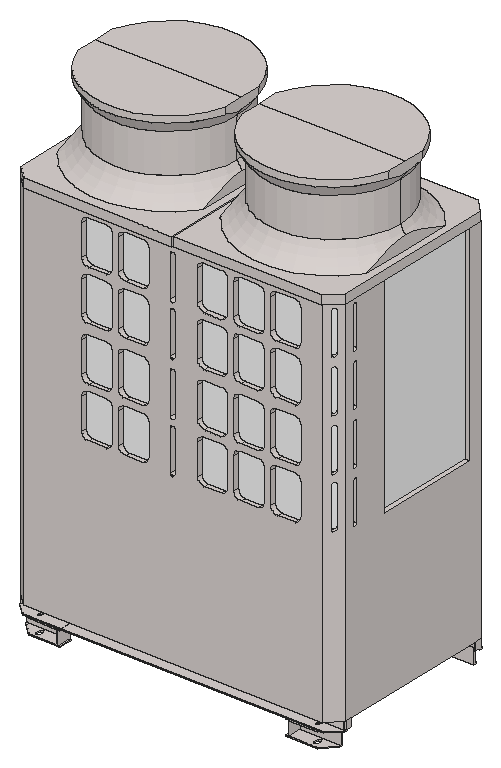
Revit family "PUHY-EM400YNW-A1", category 機械設備, Revit 2016
Family settings
  パーツ タイプ = 標準
  丸型コネクタ寸法 = 半径を使用
  OmniClass 番号 = 23.75.00.00
  OmniClass タイトル = Climate Control (HVAC)
  作業面に基づく = いいえ
  常に垂直 = はい
  ロード時にボイドで切り取り = いいえ
  共有 = いいえ
  部屋の計算ポイント = いいえ
Parameters (values of type "PUHY-EM400YNW-A1_380V_50Hz")
  Temp. range of cooling (Outdoor temp.) (D.B.) = "-5.0 to 52.0"
  Temp. range of cooling (Indoor temp.) (W.B.) = "15.0 to 24.0"
  Sound Pressure Level (dB(A)) Heating mode = 65.5
  Sound Pressure Level (dB(A)) Cooling mode = 65
  モデル = "PUHY-EM400YNW-A1"
  Width = 1240.000 mm
  WarrantyStart = ""
  Voltage = 380 V
  Unit Weight (kg) = 299
  URL = "http://www.mitsubishielectric.com/"
  製造元 = "Mitsubishi Electric Corporation"
  Temp. range of heating (Outdoor temp.) (W.B.) = "-20.0 to 15.5"
  Temp. range of heating (Indoor temp.) (D.B.) = "15.0 to 27.0"
  TagNumber = 0
  Subcategory = "HVAC"
  Space View = yes
  SerialNumber = 0
  ReplacementYear = ""
  Refrigerant type = "R32"
  Refrigerant Charge (kg) = 10.8
  Rated Load Ampacity (A) Heating mode = 22.6
  Rated Load Ampacity (A) Cooling mode = 21.6
  Protection Devices_Inverter circuit (COMP./FAN) = "Over-heat protection, Over-current protection"
  Protection Devices_High pressure (MPa) = "High pressure sensor, High pressure switch at 4.15"
  Phase = 3
  Outdoor unit Breaker size (A) = 60
  Note_1 = "Refrigerant pipe diameters may change depending on the installation condition. Please refer to the installation manual."
  Maximum Circuit Ampacity (A) = 33.3
  Liquid pipe_radius = 6.350 mm
  InstallationDate = ""
  Indoor Unit Total Capacity = "50 to 130% of outdoor unit capacity"
  Indoor Unit Model/Quantity = "W10 to W125/1 to 34"
  Hertz = 50 Hz
  Height = 1858.000 mm
  Heating Power Input (kW) = 13.4
  Heating Current (A) = 22.6
  Heating Capacity (kW) = 50
  Heating COP (kW/kW) = 3.73
  Gas pipe_radius = 14.290 mm
  Fan_Type = "Propeller Fan"
  Fan_Quantity = 2
  Fan Motor Output (kW) = 0.92
  External static pressure (Pa) = 0
  External Finish = "Pre-coated galvanized steel sheets (+powder coating for -BS type) <MUNSELL 5Y 8/1 or similar>"
  Equip_description = ""
  Equip_No. = 0
  Equip_ID = ""
  Description = ""
  Depth = 740.000 mm
  CreatedOn = ""
  CreatedBy = ""
  Cooling Power Input (kW) = 12.82
  Cooling EER (kW/kW) = 3.51
  Cooling Current (A) = 21.6
  Cooling Capacity (kW) = 45
  Compressor_Type = "Inverter scroll hermetic compressor"
  Compressor_Quantity = 1
  Compressor_Lubricant = "MEL46EH"
  Compressor Motor Output (kW) = "10.7"
  Category = ""
  Barcode = ""
  AssetIdentifier = ""
  Airflow Rate (m3/min) = 270
  Airflow Rate (m3/h) = 16200
Reference planes
  plane 1 "Center (Front/Back)": y = 0
  plane 2: z = 0
  plane 3 "Center (Left/Right)": x = 0
  plane 4: y = 370
  plane 5: z = 1858
  plane 6: y = -260
  plane 7: y = -204
  plane 8: y = -185
  plane 9: x = -620
  plane 10: x = 620
  plane 11: x = -620
  plane 12: z = 716
  plane 13: x = -524
  plane 14: z = 669
  plane 15: x = -50.5
  plane 16: x = 51
  plane 17: x = 489
  plane 18: x = 467
  plane 19 "132": x = 488
  plane 20 "100": z = 160
  plane 21: z = 185
  plane 22: x = 413
  plane 23: x = 364
  plane 24: z = 150
  plane 25: x = -287.25
  plane 26: x = -137.25
  plane 27: x = -272.25
  plane 28: y = -278
  plane 29: z = 1509
  plane 30: y = -370
  plane 31: x = -530
  plane 32: x = 530
  plane 33 "179": y = -191
Forms (mm)
  Extrusion 1, solid, material "Paint_5Y 8/1"
    sketch origin (-1, 0, 113) x (-1, 0, 0) y (0, -1, 0)
      loop
        line (569, -370) -> (619, -320) -> (619, 320) -> (569, 370) -> (-571, 370) -> (-621, 320) -> (-621, -320) -> (-571, -370) -> (569, -370)
    from -18 to 1408
  Extrusion 2, void
    sketch origin (524, -370, 113) x (1, 0, 0) y (0, 0, -1)
      loop
        arc (-60.8, -1393.5) -> (-42.557, -1385.943) -> (-35, -1367.7) r 25.8
        line (-35, -1367.7) -> (-35, -1248.5)
        arc (-35, -1248.5) -> (-42.557, -1230.257) -> (-60.8, -1222.7) r 25.8
        line (-60.8, -1222.7) -> (-126, -1222.7)
        arc (-126, -1222.7) -> (-144.243, -1230.257) -> (-151.8, -1248.5) r 25.8
        line (-151.8, -1248.5) -> (-151.8, -1367.7)
        arc (-151.8, -1367.7) -> (-144.243, -1385.943) -> (-126, -1393.5) r 25.8
        line (-126, -1393.5) -> (-60.8, -1393.5)
    from 0 to 20
  Extrusion 3, void
    sketch origin (524, -370, -81) x (1, 0, 0) y (0, 0, -1)
      loop
        arc (-60.8, -1393.5) -> (-42.557, -1385.943) -> (-35, -1367.7) r 25.8
        line (-35, -1367.7) -> (-35, -1248.5)
        arc (-35, -1248.5) -> (-42.557, -1230.257) -> (-60.8, -1222.7) r 25.8
        line (-60.8, -1222.7) -> (-126, -1222.7)
        arc (-126, -1222.7) -> (-144.243, -1230.257) -> (-151.8, -1248.5) r 25.8
        line (-151.8, -1248.5) -> (-151.8, -1367.7)
        arc (-151.8, -1367.7) -> (-144.243, -1385.943) -> (-126, -1393.5) r 25.8
        line (-126, -1393.5) -> (-60.8, -1393.5)
    from 0 to 20
  Extrusion 4, void
    sketch origin (524, -370, -287) x (1, 0, 0) y (0, 0, -1)
      loop
        arc (-60.8, -1393.5) -> (-42.557, -1385.943) -> (-35, -1367.7) r 25.8
        line (-35, -1367.7) -> (-35, -1248.5)
        arc (-35, -1248.5) -> (-42.557, -1230.257) -> (-60.8, -1222.7) r 25.8
        line (-60.8, -1222.7) -> (-126, -1222.7)
        arc (-126, -1222.7) -> (-144.243, -1230.257) -> (-151.8, -1248.5) r 25.8
        line (-151.8, -1248.5) -> (-151.8, -1367.7)
        arc (-151.8, -1367.7) -> (-144.243, -1385.943) -> (-126, -1393.5) r 25.8
        line (-126, -1393.5) -> (-60.8, -1393.5)
    from 0 to 20
  Extrusion 5, void
    sketch origin (524, -370, -481) x (1, 0, 0) y (0, 0, -1)
      loop
        arc (-60.8, -1393.5) -> (-42.557, -1385.943) -> (-35, -1367.7) r 25.8
        line (-35, -1367.7) -> (-35, -1248.5)
        arc (-35, -1248.5) -> (-42.557, -1230.257) -> (-60.8, -1222.7) r 25.8
        line (-60.8, -1222.7) -> (-126, -1222.7)
        arc (-126, -1222.7) -> (-144.243, -1230.257) -> (-151.8, -1248.5) r 25.8
        line (-151.8, -1248.5) -> (-151.8, -1367.7)
        arc (-151.8, -1367.7) -> (-144.243, -1385.943) -> (-126, -1393.5) r 25.8
        line (-126, -1393.5) -> (-60.8, -1393.5)
    from 0 to 20
  Extrusion 6, void
    sketch origin (384, -370, 113) x (1, 0, 0) y (0, 0, -1)
      loop
        arc (-60.8, -1393.5) -> (-42.557, -1385.943) -> (-35, -1367.7) r 25.8
        line (-35, -1367.7) -> (-35, -1248.5)
        arc (-35, -1248.5) -> (-42.557, -1230.257) -> (-60.8, -1222.7) r 25.8
        line (-60.8, -1222.7) -> (-126, -1222.7)
        arc (-126, -1222.7) -> (-144.243, -1230.257) -> (-151.8, -1248.5) r 25.8
        line (-151.8, -1248.5) -> (-151.8, -1367.7)
        arc (-151.8, -1367.7) -> (-144.243, -1385.943) -> (-126, -1393.5) r 25.8
        line (-126, -1393.5) -> (-60.8, -1393.5)
    from 0 to 20
  Extrusion 7, void
    sketch origin (384, -370, -81) x (1, 0, 0) y (0, 0, -1)
      loop
        arc (-60.8, -1393.5) -> (-42.557, -1385.943) -> (-35, -1367.7) r 25.8
        line (-35, -1367.7) -> (-35, -1248.5)
        arc (-35, -1248.5) -> (-42.557, -1230.257) -> (-60.8, -1222.7) r 25.8
        line (-60.8, -1222.7) -> (-126, -1222.7)
        arc (-126, -1222.7) -> (-144.243, -1230.257) -> (-151.8, -1248.5) r 25.8
        line (-151.8, -1248.5) -> (-151.8, -1367.7)
        arc (-151.8, -1367.7) -> (-144.243, -1385.943) -> (-126, -1393.5) r 25.8
        line (-126, -1393.5) -> (-60.8, -1393.5)
    from 0 to 20
  Extrusion 8, void
    sketch origin (384, -370, -287) x (1, 0, 0) y (0, 0, -1)
      loop
        arc (-60.8, -1393.5) -> (-42.557, -1385.943) -> (-35, -1367.7) r 25.8
        line (-35, -1367.7) -> (-35, -1248.5)
        arc (-35, -1248.5) -> (-42.557, -1230.257) -> (-60.8, -1222.7) r 25.8
        line (-60.8, -1222.7) -> (-126, -1222.7)
        arc (-126, -1222.7) -> (-144.243, -1230.257) -> (-151.8, -1248.5) r 25.8
        line (-151.8, -1248.5) -> (-151.8, -1367.7)
        arc (-151.8, -1367.7) -> (-144.243, -1385.943) -> (-126, -1393.5) r 25.8
        line (-126, -1393.5) -> (-60.8, -1393.5)
    from 0 to 20
  Extrusion 9, void
    sketch origin (384, -370, -481) x (1, 0, 0) y (0, 0, -1)
      loop
        arc (-60.8, -1393.5) -> (-42.557, -1385.943) -> (-35, -1367.7) r 25.8
        line (-35, -1367.7) -> (-35, -1248.5)
        arc (-35, -1248.5) -> (-42.557, -1230.257) -> (-60.8, -1222.7) r 25.8
        line (-60.8, -1222.7) -> (-126, -1222.7)
        arc (-126, -1222.7) -> (-144.243, -1230.257) -> (-151.8, -1248.5) r 25.8
        line (-151.8, -1248.5) -> (-151.8, -1367.7)
        arc (-151.8, -1367.7) -> (-144.243, -1385.943) -> (-126, -1393.5) r 25.8
        line (-126, -1393.5) -> (-60.8, -1393.5)
    from 0 to 20
  Extrusion 10, void
    sketch origin (244, -370, 113) x (1, 0, 0) y (0, 0, -1)
      loop
        arc (-60.8, -1393.5) -> (-42.557, -1385.943) -> (-35, -1367.7) r 25.8
        line (-35, -1367.7) -> (-35, -1248.5)
        arc (-35, -1248.5) -> (-42.557, -1230.257) -> (-60.8, -1222.7) r 25.8
        line (-60.8, -1222.7) -> (-126, -1222.7)
        arc (-126, -1222.7) -> (-144.243, -1230.257) -> (-151.8, -1248.5) r 25.8
        line (-151.8, -1248.5) -> (-151.8, -1367.7)
        arc (-151.8, -1367.7) -> (-144.243, -1385.943) -> (-126, -1393.5) r 25.8
        line (-126, -1393.5) -> (-60.8, -1393.5)
    from 0 to 20
  Extrusion 11, void
    sketch origin (244, -370, -81) x (1, 0, 0) y (0, 0, -1)
      loop
        arc (-60.8, -1393.5) -> (-42.557, -1385.943) -> (-35, -1367.7) r 25.8
        line (-35, -1367.7) -> (-35, -1248.5)
        arc (-35, -1248.5) -> (-42.557, -1230.257) -> (-60.8, -1222.7) r 25.8
        line (-60.8, -1222.7) -> (-126, -1222.7)
        arc (-126, -1222.7) -> (-144.243, -1230.257) -> (-151.8, -1248.5) r 25.8
        line (-151.8, -1248.5) -> (-151.8, -1367.7)
        arc (-151.8, -1367.7) -> (-144.243, -1385.943) -> (-126, -1393.5) r 25.8
        line (-126, -1393.5) -> (-60.8, -1393.5)
    from 0 to 20
  Extrusion 12, void
    sketch origin (244, -370, -287) x (1, 0, 0) y (0, 0, -1)
      loop
        arc (-60.8, -1393.5) -> (-42.557, -1385.943) -> (-35, -1367.7) r 25.8
        line (-35, -1367.7) -> (-35, -1248.5)
        arc (-35, -1248.5) -> (-42.557, -1230.257) -> (-60.8, -1222.7) r 25.8
        line (-60.8, -1222.7) -> (-126, -1222.7)
        arc (-126, -1222.7) -> (-144.243, -1230.257) -> (-151.8, -1248.5) r 25.8
        line (-151.8, -1248.5) -> (-151.8, -1367.7)
        arc (-151.8, -1367.7) -> (-144.243, -1385.943) -> (-126, -1393.5) r 25.8
        line (-126, -1393.5) -> (-60.8, -1393.5)
    from 0 to 20
  Extrusion 13, void
    sketch origin (244, -370, -481) x (1, 0, 0) y (0, 0, -1)
      loop
        arc (-60.8, -1393.5) -> (-42.557, -1385.943) -> (-35, -1367.7) r 25.8
        line (-35, -1367.7) -> (-35, -1248.5)
        arc (-35, -1248.5) -> (-42.557, -1230.257) -> (-60.8, -1222.7) r 25.8
        line (-60.8, -1222.7) -> (-126, -1222.7)
        arc (-126, -1222.7) -> (-144.243, -1230.257) -> (-151.8, -1248.5) r 25.8
        line (-151.8, -1248.5) -> (-151.8, -1367.7)
        arc (-151.8, -1367.7) -> (-144.243, -1385.943) -> (-126, -1393.5) r 25.8
        line (-126, -1393.5) -> (-60.8, -1393.5)
    from 0 to 20
  Extrusion 14, void
    sketch origin (-56, -370, 113) x (1, 0, 0) y (0, 0, -1)
      loop
        arc (-60.8, -1393.5) -> (-42.557, -1385.943) -> (-35, -1367.7) r 25.8
        line (-35, -1367.7) -> (-35, -1248.5)
        arc (-35, -1248.5) -> (-42.557, -1230.257) -> (-60.8, -1222.7) r 25.8
        line (-60.8, -1222.7) -> (-126, -1222.7)
        arc (-126, -1222.7) -> (-144.243, -1230.257) -> (-151.8, -1248.5) r 25.8
        line (-151.8, -1248.5) -> (-151.8, -1367.7)
        arc (-151.8, -1367.7) -> (-144.243, -1385.943) -> (-126, -1393.5) r 25.8
        line (-126, -1393.5) -> (-60.8, -1393.5)
    from 0 to 20
  Extrusion 15, void
    sketch origin (-56, -370, -81) x (1, 0, 0) y (0, 0, -1)
      loop
        arc (-60.8, -1393.5) -> (-42.557, -1385.943) -> (-35, -1367.7) r 25.8
        line (-35, -1367.7) -> (-35, -1248.5)
        arc (-35, -1248.5) -> (-42.557, -1230.257) -> (-60.8, -1222.7) r 25.8
        line (-60.8, -1222.7) -> (-126, -1222.7)
        arc (-126, -1222.7) -> (-144.243, -1230.257) -> (-151.8, -1248.5) r 25.8
        line (-151.8, -1248.5) -> (-151.8, -1367.7)
        arc (-151.8, -1367.7) -> (-144.243, -1385.943) -> (-126, -1393.5) r 25.8
        line (-126, -1393.5) -> (-60.8, -1393.5)
    from 0 to 20
  Extrusion 16, void
    sketch origin (-56, -370, -287) x (1, 0, 0) y (0, 0, -1)
      loop
        arc (-60.8, -1393.5) -> (-42.557, -1385.943) -> (-35, -1367.7) r 25.8
        line (-35, -1367.7) -> (-35, -1248.5)
        arc (-35, -1248.5) -> (-42.557, -1230.257) -> (-60.8, -1222.7) r 25.8
        line (-60.8, -1222.7) -> (-126, -1222.7)
        arc (-126, -1222.7) -> (-144.243, -1230.257) -> (-151.8, -1248.5) r 25.8
        line (-151.8, -1248.5) -> (-151.8, -1367.7)
        arc (-151.8, -1367.7) -> (-144.243, -1385.943) -> (-126, -1393.5) r 25.8
        line (-126, -1393.5) -> (-60.8, -1393.5)
    from 0 to 20
  Extrusion 17, void
    sketch origin (-56, -370, -481) x (1, 0, 0) y (0, 0, -1)
      loop
        arc (-60.8, -1393.5) -> (-42.557, -1385.943) -> (-35, -1367.7) r 25.8
        line (-35, -1367.7) -> (-35, -1248.5)
        arc (-35, -1248.5) -> (-42.557, -1230.257) -> (-60.8, -1222.7) r 25.8
        line (-60.8, -1222.7) -> (-126, -1222.7)
        arc (-126, -1222.7) -> (-144.243, -1230.257) -> (-151.8, -1248.5) r 25.8
        line (-151.8, -1248.5) -> (-151.8, -1367.7)
        arc (-151.8, -1367.7) -> (-144.243, -1385.943) -> (-126, -1393.5) r 25.8
        line (-126, -1393.5) -> (-60.8, -1393.5)
    from 0 to 20
  Extrusion 18, void
    sketch origin (-196, -370, 113) x (1, 0, 0) y (0, 0, -1)
      loop
        arc (-60.8, -1393.5) -> (-42.557, -1385.943) -> (-35, -1367.7) r 25.8
        line (-35, -1367.7) -> (-35, -1248.5)
        arc (-35, -1248.5) -> (-42.557, -1230.257) -> (-60.8, -1222.7) r 25.8
        line (-60.8, -1222.7) -> (-126, -1222.7)
        arc (-126, -1222.7) -> (-144.243, -1230.257) -> (-151.8, -1248.5) r 25.8
        line (-151.8, -1248.5) -> (-151.8, -1367.7)
        arc (-151.8, -1367.7) -> (-144.243, -1385.943) -> (-126, -1393.5) r 25.8
        line (-126, -1393.5) -> (-60.8, -1393.5)
    from 0 to 20
  Extrusion 19, void
    sketch origin (-196, -370, -81) x (1, 0, 0) y (0, 0, -1)
      loop
        arc (-60.8, -1393.5) -> (-42.557, -1385.943) -> (-35, -1367.7) r 25.8
        line (-35, -1367.7) -> (-35, -1248.5)
        arc (-35, -1248.5) -> (-42.557, -1230.257) -> (-60.8, -1222.7) r 25.8
        line (-60.8, -1222.7) -> (-126, -1222.7)
        arc (-126, -1222.7) -> (-144.243, -1230.257) -> (-151.8, -1248.5) r 25.8
        line (-151.8, -1248.5) -> (-151.8, -1367.7)
        arc (-151.8, -1367.7) -> (-144.243, -1385.943) -> (-126, -1393.5) r 25.8
        line (-126, -1393.5) -> (-60.8, -1393.5)
    from 0 to 20
  Extrusion 20, void
    sketch origin (-196, -370, -287) x (1, 0, 0) y (0, 0, -1)
      loop
        arc (-60.8, -1393.5) -> (-42.557, -1385.943) -> (-35, -1367.7) r 25.8
        line (-35, -1367.7) -> (-35, -1248.5)
        arc (-35, -1248.5) -> (-42.557, -1230.257) -> (-60.8, -1222.7) r 25.8
        line (-60.8, -1222.7) -> (-126, -1222.7)
        arc (-126, -1222.7) -> (-144.243, -1230.257) -> (-151.8, -1248.5) r 25.8
        line (-151.8, -1248.5) -> (-151.8, -1367.7)
        arc (-151.8, -1367.7) -> (-144.243, -1385.943) -> (-126, -1393.5) r 25.8
        line (-126, -1393.5) -> (-60.8, -1393.5)
    from 0 to 20
  Extrusion 21, void
    sketch origin (-196, -370, -481) x (1, 0, 0) y (0, 0, -1)
      loop
        arc (-60.8, -1393.5) -> (-42.557, -1385.943) -> (-35, -1367.7) r 25.8
        line (-35, -1367.7) -> (-35, -1248.5)
        arc (-35, -1248.5) -> (-42.557, -1230.257) -> (-60.8, -1222.7) r 25.8
        line (-60.8, -1222.7) -> (-126, -1222.7)
        arc (-126, -1222.7) -> (-144.243, -1230.257) -> (-151.8, -1248.5) r 25.8
        line (-151.8, -1248.5) -> (-151.8, -1367.7)
        arc (-151.8, -1367.7) -> (-144.243, -1385.943) -> (-126, -1393.5) r 25.8
        line (-126, -1393.5) -> (-60.8, -1393.5)
    from 0 to 20
  Extrusion 22, void
    sketch origin (620, 320, 113) x (0, 1, 0) y (0, 0, -1)
      loop
        line (-462.3, -1408) -> (-50.8, -1408) -> (-50.8, -612) -> (-462.3, -612) -> (-462.3, -1408)
    from 0 to 20
  Extrusion 23, void
    sketch origin (-620, -320, 113) x (0, -1, 0) y (0, 0, -1)
      loop
        line (-535.7, -1408) -> (-207.7, -1408) -> (-207.7, -592) -> (-535.7, -592) -> (-535.7, -1408)
    from 0 to 20
  Extrusion 24, void
    sketch origin (194.892, 370, 113) x (-1, 0, 0) y (0, 0, -1)
      loop
        arc (204.892, -1225.013) -> (194.892, -1215.013) -> (184.892, -1225.013) r 10
        line (184.892, -1225.013) -> (184.892, -1379.987)
        arc (184.892, -1379.987) -> (194.892, -1389.987) -> (204.892, -1379.987) r 10
        line (204.892, -1379.987) -> (204.892, -1225.013)
      loop
        arc (204.892, -1031.013) -> (194.892, -1021.013) -> (184.892, -1031.013) r 10
        line (184.892, -1031.013) -> (184.892, -1185.987)
        arc (184.892, -1185.987) -> (194.892, -1195.987) -> (204.892, -1185.987) r 10
        line (204.892, -1185.987) -> (204.892, -1031.013)
      loop
        arc (204.892, -825.013) -> (194.892, -815.013) -> (184.892, -825.013) r 10
        line (184.892, -825.013) -> (184.892, -979.987)
        arc (184.892, -979.987) -> (194.892, -989.987) -> (204.892, -979.987) r 10
        line (204.892, -979.987) -> (204.892, -825.013)
      loop
        arc (204.892, -631.013) -> (194.892, -621.013) -> (184.892, -631.013) r 10
        line (184.892, -631.013) -> (184.892, -785.987)
        arc (184.892, -785.987) -> (194.892, -795.987) -> (204.892, -785.987) r 10
        line (204.892, -785.987) -> (204.892, -631.013)
    from 0 to 20
  Extrusion 25, void
    sketch origin (-570, 370, 113) x (0.707107, 0.707107, 0) y (0, 0, 1)
      loop
        arc (-45.355, 1236) -> (-35.355, 1226) -> (-25.355, 1236) r 10
        line (-25.355, 1236) -> (-25.355, 1386)
        arc (-25.355, 1386) -> (-35.355, 1396) -> (-45.355, 1386) r 10
        line (-45.355, 1386) -> (-45.355, 1236)
      loop
        arc (-45.355, 1036) -> (-35.355, 1026) -> (-25.355, 1036) r 10
        line (-25.355, 1036) -> (-25.355, 1186)
        arc (-25.355, 1186) -> (-35.355, 1196) -> (-45.355, 1186) r 10
        line (-45.355, 1186) -> (-45.355, 1036)
      loop
        arc (-45.355, 836) -> (-35.355, 826) -> (-25.355, 836) r 10
        line (-25.355, 836) -> (-25.355, 986)
        arc (-25.355, 986) -> (-35.355, 996) -> (-45.355, 986) r 10
        line (-45.355, 986) -> (-45.355, 836)
      loop
        arc (-45.355, 641) -> (-35.355, 631) -> (-25.355, 641) r 10
        line (-25.355, 641) -> (-25.355, 791)
        arc (-25.355, 791) -> (-35.355, 801) -> (-45.355, 791) r 10
        line (-45.355, 791) -> (-45.355, 641)
    from 0 to 20
  Extrusion 26, void
    sketch origin (-620, -320, 113) x (0, -1, 0) y (0, 0, -1)
      loop
        line (-607.846, -1035.895) -> (-607.846, -1186.105)
        arc (-607.846, -1186.105) -> (-597.846, -1196.105) -> (-587.846, -1186.105) r 10
        line (-587.846, -1186.105) -> (-587.846, -1035.895)
        arc (-587.846, -1035.895) -> (-597.846, -1025.895) -> (-607.846, -1035.895) r 10
      loop
        line (-607.846, -835.895) -> (-607.846, -986.105)
        arc (-607.846, -986.105) -> (-597.846, -996.105) -> (-587.846, -986.105) r 10
        line (-587.846, -986.105) -> (-587.846, -835.895)
        arc (-587.846, -835.895) -> (-597.846, -825.895) -> (-607.846, -835.895) r 10
      loop
        line (-607.846, -1235.895) -> (-607.846, -1386.105)
        arc (-607.846, -1386.105) -> (-597.846, -1396.105) -> (-587.846, -1386.105) r 10
        line (-587.846, -1386.105) -> (-587.846, -1235.895)
        arc (-587.846, -1235.895) -> (-597.846, -1225.895) -> (-607.846, -1235.895) r 10
      loop
        line (-607.846, -635.895) -> (-607.846, -786.105)
        arc (-607.846, -786.105) -> (-597.846, -796.105) -> (-587.846, -786.105) r 10
        line (-587.846, -786.105) -> (-587.846, -635.895)
        arc (-587.846, -635.895) -> (-597.846, -625.895) -> (-607.846, -635.895) r 10
    from 0 to 20
  Extrusion 27, void
    sketch origin (1079, -370, 113) x (1, 0, 0) y (0, 0, -1)
      loop
        arc (-1089, -1379.975) -> (-1079, -1389.975) -> (-1069, -1379.975) r 10
        line (-1069, -1379.975) -> (-1069, -1225)
        arc (-1069, -1225) -> (-1079, -1215) -> (-1089, -1225) r 10
        line (-1089, -1225) -> (-1089, -1379.975)
      loop
        arc (-1089, -1185.975) -> (-1079, -1195.975) -> (-1069, -1185.975) r 10
        line (-1069, -1185.975) -> (-1069, -1031)
        arc (-1069, -1031) -> (-1079, -1021) -> (-1089, -1031) r 10
        line (-1089, -1031) -> (-1089, -1185.975)
      loop
        arc (-1089, -979.975) -> (-1079, -989.975) -> (-1069, -979.975) r 10
        line (-1069, -979.975) -> (-1069, -825)
        arc (-1069, -825) -> (-1079, -815) -> (-1089, -825) r 10
        line (-1089, -825) -> (-1089, -979.975)
      loop
        arc (-1089, -785.975) -> (-1079, -795.975) -> (-1069, -785.975) r 10
        line (-1069, -785.975) -> (-1069, -631)
        arc (-1069, -631) -> (-1079, -621) -> (-1089, -631) r 10
        line (-1089, -631) -> (-1089, -785.975)
    from 0 to 20
  Extrusion 28, void
    sketch origin (-571, 370, 113) x (-1, 0, 0) y (0, 0, -1)
      loop
        line (-519.5, -1408) -> (-48, -1408) -> (-48, -556) -> (-519.5, -556) -> (-519.5, -1408)
    from 0 to 20
  Extrusion 29, void
    sketch origin (-571, 370, 113) x (-1, 0, 0) y (0, 0, -1)
      loop
        line (-1038, -1408) -> (-622, -1408) -> (-622, -556) -> (-1038, -556) -> (-1038, -1408)
    from 0 to 20
  Extrusion 30, void
    sketch origin (620, 320, 113) x (0, 1, 0) y (0, 0, -1)
      loop
        arc (-588, -1035.791) -> (-598, -1025.791) -> (-608, -1035.791) r 10
        line (-608, -1035.791) -> (-608, -1186)
        arc (-608, -1186) -> (-598, -1196) -> (-588, -1186) r 10
        line (-588, -1186) -> (-588, -1035.791)
      loop
        arc (-588, -835.791) -> (-598, -825.791) -> (-608, -835.791) r 10
        line (-608, -835.791) -> (-608, -986)
        arc (-608, -986) -> (-598, -996) -> (-588, -986) r 10
        line (-588, -986) -> (-588, -835.791)
      loop
        arc (-588, -1235.791) -> (-598, -1225.791) -> (-608, -1235.791) r 10
        line (-608, -1235.791) -> (-608, -1386)
        arc (-608, -1386) -> (-598, -1396) -> (-588, -1386) r 10
        line (-588, -1386) -> (-588, -1235.791)
      loop
        arc (-588, -635.791) -> (-598, -625.791) -> (-608, -635.791) r 10
        line (-608, -635.791) -> (-608, -786)
        arc (-608, -786) -> (-598, -796) -> (-588, -786) r 10
        line (-588, -786) -> (-588, -635.791)
    from 0 to 20
  Extrusion 31, void
    sketch origin (1291.751, 351.751, 113) x (0.707107, 0.707107, 0) y (0, 0, -1)
      loop
        line (-995.311, -1236) -> (-995.311, -1386)
        arc (-995.311, -1386) -> (-985.311, -1396) -> (-975.311, -1386) r 10
        line (-975.311, -1386) -> (-975.311, -1236)
        arc (-975.311, -1236) -> (-985.311, -1226) -> (-995.311, -1236) r 10
      loop
        line (-995.311, -1036) -> (-995.311, -1186)
        arc (-995.311, -1186) -> (-985.311, -1196) -> (-975.311, -1186) r 10
        line (-975.311, -1186) -> (-975.311, -1036)
        arc (-975.311, -1036) -> (-985.311, -1026) -> (-995.311, -1036) r 10
      loop
        line (-995.311, -836) -> (-995.311, -986)
        arc (-995.311, -986) -> (-985.311, -996) -> (-975.311, -986) r 10
        line (-975.311, -986) -> (-975.311, -836)
        arc (-975.311, -836) -> (-985.311, -826) -> (-995.311, -836) r 10
      loop
        line (-995.311, -641) -> (-995.311, -791)
        arc (-995.311, -791) -> (-985.311, -801) -> (-975.311, -791) r 10
        line (-975.311, -791) -> (-975.311, -641)
        arc (-975.311, -641) -> (-985.311, -631) -> (-995.311, -641) r 10
    from 0 to 20
  Extrusion 32, void
    sketch origin (0, -191, 0) x (-1, 0, 0) y (0, 0, 1)
      loop
        circle (460, 176) r 6.35
    from 0 to 78.7
  Extrusion 33, void
    sketch origin (0, -191, 0) x (-1, 0, 0) y (0, 0, 1)
      loop
        circle (377, 176) r 14.29
    from 0 to 78.7
Cuts and joins
  Extrusion 2, Extrusion 3, Extrusion 4, Extrusion 5, Extrusion 6, Extrusion 7, Extrusion 8, Extrusion 9, Extrusion 10, Extrusion 11, Extrusion 12, Extrusion 13, Extrusion 14, Extrusion 15, Extrusion 16, Extrusion 17, Extrusion 18, Extrusion 19, Extrusion 20, Extrusion 21, Extrusion 22, Extrusion 23, Extrusion 24, Extrusion 25, Extrusion 26, Extrusion 27, Extrusion 28, Extrusion 29, Extrusion 30, Extrusion 31, Extrusion 32, Extrusion 33 cuts Extrusion 1
Lines and regions (mm)
  model lines
    curve 1: line (-351, -291, 95) -> (-481, -291, 95)
    curve 2: line (-342, -206, 95) -> (-342, -282, 95)
    curve 3: line (-481, -197, 95) -> (-351, -197, 95)
    curve 4: line (-492, -280, 95) -> (-492, -208, 95)
    curve 5: arc (-492, -280, 95) -> (-488.778, -287.778, 95) -> (-481, -291, 95) r 11
    curve 6: arc (-351, -291, 95) -> (-344.636, -288.364, 95) -> (-342, -282, 95) r 9
    curve 7: arc (-342, -206, 95) -> (-344.636, -199.636, 95) -> (-351, -197, 95) r 9
    curve 8: arc (-481, -197, 95) -> (-488.778, -200.222, 95) -> (-492, -208, 95) r 11
    curve 9: line (-30, -370, 1521) -> (-30, -370, 95)
    curve 10: line (30, -370, 1521) -> (30, -370, 95)
    curve 11: line (-485, -370, 215) -> (-357, -370, 215)
    curve 12: line (-495, -370, 141) -> (-495, -370, 205)
    curve 13: line (-357, -370, 131) -> (-485, -370, 131)
    curve 14: line (-347, -370, 205) -> (-347, -370, 141)
    curve 15: arc (-485, -370, 215) -> (-492.071, -370, 212.071) -> (-495, -370, 205) r 10
    curve 16: arc (-495, -370, 141) -> (-492.071, -370, 133.929) -> (-485, -370, 131) r 10
    curve 17: arc (-357, -370, 131) -> (-349.929, -370, 133.929) -> (-347, -370, 141) r 10
    curve 18: arc (-347, -370, 205) -> (-349.929, -370, 212.071) -> (-357, -370, 215) r 10
    curve 19: line (-405, -370, 1521) -> (-405, -370, 716)
    curve 20: line (620, -162.3, 1521) -> (620, -162.3, 95)
    curve 21: line (620, 289.2, 1521) -> (620, 289.2, 95)
    curve 22: line (620, -162.3, 705) -> (620, 289.2, 705)
    curve 23: line (620, -162.3, 725) -> (620, 289.2, 725)
    curve 24: line (620, -76.8, 583) -> (620, 203.2, 583)
    curve 25: line (620, 203.2, 563) -> (620, -76.8, 563)
    curve 26: arc (620, -76.8, 583) -> (620, -83.871, 580.071) -> (620, -86.8, 573) r 10
    curve 27: arc (620, -76.8, 563) -> (620, -83.871, 565.929) -> (620, -86.8, 573) r 10
    curve 28: arc (620, 203.2, 583) -> (620, 210.271, 580.071) -> (620, 213.2, 573) r 10
    curve 29: arc (620, 203.2, 563) -> (620, 210.271, 565.929) -> (620, 213.2, 573) r 10
    curve 30: line (620, -76.8, 478) -> (620, 203.2, 478)
    curve 31: line (620, 203.2, 458) -> (620, -76.8, 458)
    curve 32: arc (620, -76.8, 478) -> (620, -83.871, 475.071) -> (620, -86.8, 468) r 10
    curve 33: arc (620, -76.8, 458) -> (620, -83.871, 460.929) -> (620, -86.8, 468) r 10
    curve 34: arc (620, 203.2, 478) -> (620, 210.271, 475.071) -> (620, 213.2, 468) r 10
    curve 35: arc (620, 203.2, 458) -> (620, 210.271, 460.929) -> (620, 213.2, 468) r 10
    curve 36: line (620, -76.8, 373) -> (620, 203.2, 373)
    curve 37: line (620, 203.2, 353) -> (620, -76.8, 353)
    curve 38: arc (620, -76.8, 373) -> (620, -83.871, 370.071) -> (620, -86.8, 363) r 10
    curve 39: arc (620, -76.8, 353) -> (620, -83.871, 355.929) -> (620, -86.8, 363) r 10
    curve 40: arc (620, 203.2, 373) -> (620, 210.271, 370.071) -> (620, 213.2, 363) r 10
    curve 41: arc (620, 203.2, 353) -> (620, 210.271, 355.929) -> (620, 213.2, 363) r 10
    curve 42: line (620, -76.8, 268) -> (620, 203.2, 268)
    curve 43: line (620, 203.2, 248) -> (620, -76.8, 248)
    curve 44: arc (620, -76.8, 268) -> (620, -83.871, 265.071) -> (620, -86.8, 258) r 10
    curve 45: arc (620, -76.8, 248) -> (620, -83.871, 250.929) -> (620, -86.8, 258) r 10
    curve 46: arc (620, 203.2, 268) -> (620, 210.271, 265.071) -> (620, 213.2, 258) r 10
    curve 47: arc (620, 203.2, 248) -> (620, 210.271, 250.929) -> (620, 213.2, 258) r 10
    curve 48: line (-620, -162.3, 1521) -> (-620, -162.3, 95)
    curve 49: line (-620, 235.7, 1521) -> (-620, 235.7, 95)
    curve 50: line (-620, -112.3, 1521) -> (-620, -112.3, 705)
    curve 51: line (-620, 215.7, 1521) -> (-620, 215.7, 705)
    curve 52: line (-620, 235.7, 705) -> (-620, -162.3, 705)
    curve 53: line (-620, 176.7, 268) -> (-620, -103.3, 268)
    curve 54: line (-620, -103.3, 248) -> (-620, 176.7, 248)
    curve 55: arc (-620, 186.7, 258) -> (-620, 183.771, 265.071) -> (-620, 176.7, 268) r 10
    curve 56: arc (-620, 176.7, 248) -> (-620, 183.771, 250.929) -> (-620, 186.7, 258) r 10
    curve 57: arc (-620, -103.3, 268) -> (-620, -110.371, 265.071) -> (-620, -113.3, 258) r 10
    curve 58: arc (-620, -113.3, 258) -> (-620, -110.371, 250.929) -> (-620, -103.3, 248) r 10
    curve 59: line (-620, 176.7, 373) -> (-620, -103.3, 373)
    curve 60: line (-620, -103.3, 353) -> (-620, 176.7, 353)
    curve 61: arc (-620, 186.7, 363) -> (-620, 183.771, 370.071) -> (-620, 176.7, 373) r 10
    curve 62: arc (-620, 176.7, 353) -> (-620, 183.771, 355.929) -> (-620, 186.7, 363) r 10
    curve 63: arc (-620, -103.3, 373) -> (-620, -110.371, 370.071) -> (-620, -113.3, 363) r 10
    curve 64: arc (-620, -113.3, 363) -> (-620, -110.371, 355.929) -> (-620, -103.3, 353) r 10
    curve 65: line (-620, 176.7, 478) -> (-620, -103.3, 478)
    curve 66: line (-620, -103.3, 458) -> (-620, 176.7, 458)
    curve 67: arc (-620, 186.7, 468) -> (-620, 183.771, 475.071) -> (-620, 176.7, 478) r 10
    curve 68: arc (-620, 176.7, 458) -> (-620, 183.771, 460.929) -> (-620, 186.7, 468) r 10
    curve 69: arc (-620, -103.3, 478) -> (-620, -110.371, 475.071) -> (-620, -113.3, 468) r 10
    curve 70: arc (-620, -113.3, 468) -> (-620, -110.371, 460.929) -> (-620, -103.3, 458) r 10
    curve 71: line (-620, 176.7, 583) -> (-620, -103.3, 583)
    curve 72: line (-620, -103.3, 563) -> (-620, 176.7, 563)
    curve 73: arc (-620, 186.7, 573) -> (-620, 183.771, 580.071) -> (-620, 176.7, 583) r 10
    curve 74: arc (-620, 176.7, 563) -> (-620, 183.771, 565.929) -> (-620, 186.7, 573) r 10
    curve 75: arc (-620, -103.3, 583) -> (-620, -110.371, 580.071) -> (-620, -113.3, 573) r 10
    curve 76: arc (-620, -113.3, 573) -> (-620, -110.371, 565.929) -> (-620, -103.3, 563) r 10
    curve 77: line (-544, 370, 1521) -> (-544, 370, 95)
    curve 78: line (489, 370, 649) -> (30, 370, 649)
    curve 79: line (-30.5, 370, 649) -> (-544, 370, 649)
    curve 80: line (-147.25, 370, 584) -> (-427.25, 370, 584)
    curve 81: line (-427.25, 370, 564) -> (-147.25, 370, 564)
    curve 82: arc (-137.25, 370, 574) -> (-140.179, 370, 581.071) -> (-147.25, 370, 584) r 10
    curve 83: arc (-147.25, 370, 564) -> (-140.179, 370, 566.929) -> (-137.25, 370, 574) r 10
    curve 84: arc (-427.25, 370, 584) -> (-434.321, 370, 581.071) -> (-437.25, 370, 574) r 10
    curve 85: arc (-437.25, 370, 574) -> (-434.321, 370, 566.929) -> (-427.25, 370, 564) r 10
    curve 86: circle (448, -185, 1521) r 15 normal (0, 0, 1)
    curve 87: circle (468, -185, 95) r 26 normal (0, 0, 1)
    curve 88: circle (448, -260, 95) r 32.5 normal (0, 0, 1)
    curve 89: circle (404, -204, 95) r 17 normal (0, 0, 1)
    curve 90: line (-550, -370, 1521) -> (-550, -370, 95)
    curve 91: line (-550, -370, 716) -> (-30, -370, 716)
    curve 92: line (550, -370, 95) -> (550, -370, 1521)
    curve 93: line (30, -370, 716) -> (550, -370, 716)
    curve 94: line (-30.5, 370, 1521) -> (-30.5, 370, 95)
    curve 95: line (30, 370, 1521) -> (30, 370, 95)
    curve 96: line (489, 370, 1521) -> (489, 370, 95)
    curve 97: line (467, 370, 669) -> (467, 370, 649)
    curve 98: line (-352, -370, 223) -> (-550, -370, 223)
    curve 99: line (-342, -370, 213) -> (-342, -370, 95)
    curve 100: arc (-342, -370, 213) -> (-344.929, -370, 220.071) -> (-352, -370, 223) r 10
    curve 101: circle (488, -370, 160) r 32.5 normal (0, -1, 0)
    curve 102: circle (488, -370, 160) r 20 normal (0, -1, 0)
    curve 103: circle (364, -370, 150) r 17 normal (0, -1, 0)
    curve 104: circle (413, -370, 185) r 26 normal (0, -1, 0)
    curve 105: circle (413, -370, 185) r 13.5 normal (0, -1, 0)
    curve 106: line (352, -370, 223) -> (550, -370, 223)
    curve 107: line (342, -370, 213) -> (342, -370, 95)
    curve 108: arc (342, -370, 213) -> (344.929, -370, 220.071) -> (352, -370, 223) r 10
    curve 109: line (-147.25, 370, 479) -> (-427.25, 370, 479)
    curve 110: line (-427.25, 370, 459) -> (-147.25, 370, 459)
    curve 111: arc (-137.25, 370, 469) -> (-140.179, 370, 476.071) -> (-147.25, 370, 479) r 10
    curve 112: arc (-147.25, 370, 459) -> (-140.179, 370, 461.929) -> (-137.25, 370, 469) r 10
    curve 113: arc (-427.25, 370, 479) -> (-434.321, 370, 476.071) -> (-437.25, 370, 469) r 10
    curve 114: arc (-437.25, 370, 469) -> (-434.321, 370, 461.929) -> (-427.25, 370, 459) r 10
    curve 115: line (-147.25, 370, 374) -> (-427.25, 370, 374)
    curve 116: line (-427.25, 370, 354) -> (-147.25, 370, 354)
    curve 117: arc (-137.25, 370, 364) -> (-140.179, 370, 371.071) -> (-147.25, 370, 374) r 10
    curve 118: arc (-147.25, 370, 354) -> (-140.179, 370, 356.929) -> (-137.25, 370, 364) r 10
    curve 119: arc (-427.25, 370, 374) -> (-434.321, 370, 371.071) -> (-437.25, 370, 364) r 10
    curve 120: arc (-437.25, 370, 364) -> (-434.321, 370, 356.929) -> (-427.25, 370, 354) r 10
    curve 121: line (-147.25, 370, 269) -> (-427.25, 370, 269)
    curve 122: line (-427.25, 370, 249) -> (-147.25, 370, 249)
    curve 123: arc (-137.25, 370, 259) -> (-140.179, 370, 266.071) -> (-147.25, 370, 269) r 10
    curve 124: arc (-147.25, 370, 249) -> (-140.179, 370, 251.929) -> (-137.25, 370, 259) r 10
    curve 125: arc (-427.25, 370, 269) -> (-434.321, 370, 266.071) -> (-437.25, 370, 259) r 10
    curve 126: arc (-437.25, 370, 259) -> (-434.321, 370, 251.929) -> (-427.25, 370, 249) r 10
    curve 127: line (399.5, 370, 584) -> (119.5, 370, 584)
    curve 128: line (119.5, 370, 564) -> (399.5, 370, 564)
    curve 129: arc (409.5, 370, 574) -> (406.571, 370, 581.071) -> (399.5, 370, 584) r 10
    curve 130: arc (399.5, 370, 564) -> (406.571, 370, 566.929) -> (409.5, 370, 574) r 10
    curve 131: arc (119.5, 370, 584) -> (112.429, 370, 581.071) -> (109.5, 370, 574) r 10
    curve 132: arc (109.5, 370, 574) -> (112.429, 370, 566.929) -> (119.5, 370, 564) r 10
    curve 133: line (399.5, 370, 479) -> (119.5, 370, 479)
    curve 134: line (119.5, 370, 459) -> (399.5, 370, 459)
    curve 135: arc (409.5, 370, 469) -> (406.571, 370, 476.071) -> (399.5, 370, 479) r 10
    curve 136: arc (399.5, 370, 459) -> (406.571, 370, 461.929) -> (409.5, 370, 469) r 10
    curve 137: arc (119.5, 370, 479) -> (112.429, 370, 476.071) -> (109.5, 370, 469) r 10
    curve 138: arc (109.5, 370, 469) -> (112.429, 370, 461.929) -> (119.5, 370, 459) r 10
    curve 139: line (399.5, 370, 374) -> (119.5, 370, 374)
    curve 140: line (119.5, 370, 354) -> (399.5, 370, 354)
    curve 141: arc (409.5, 370, 364) -> (406.571, 370, 371.071) -> (399.5, 370, 374) r 10
    curve 142: arc (399.5, 370, 354) -> (406.571, 370, 356.929) -> (409.5, 370, 364) r 10
    curve 143: arc (119.5, 370, 374) -> (112.429, 370, 371.071) -> (109.5, 370, 364) r 10
    curve 144: arc (109.5, 370, 364) -> (112.429, 370, 356.929) -> (119.5, 370, 354) r 10
    curve 145: line (399.5, 370, 269) -> (119.5, 370, 269)
    curve 146: line (119.5, 370, 249) -> (399.5, 370, 249)
    curve 147: arc (409.5, 370, 259) -> (406.571, 370, 266.071) -> (399.5, 370, 269) r 10
    curve 148: arc (399.5, 370, 249) -> (406.571, 370, 251.929) -> (409.5, 370, 259) r 10
    curve 149: arc (119.5, 370, 269) -> (112.429, 370, 266.071) -> (109.5, 370, 259) r 10
    curve 150: arc (109.5, 370, 259) -> (112.429, 370, 251.929) -> (119.5, 370, 249) r 10
    curve 151: line (399.5, -370, 584) -> (119.5, -370, 584)
    curve 152: line (119.5, -370, 564) -> (399.5, -370, 564)
    curve 153: arc (409.5, -370, 574) -> (406.571, -370, 581.071) -> (399.5, -370, 584) r 10
    curve 154: arc (399.5, -370, 564) -> (406.571, -370, 566.929) -> (409.5, -370, 574) r 10
    curve 155: arc (119.5, -370, 584) -> (112.429, -370, 581.071) -> (109.5, -370, 574) r 10
    curve 156: arc (109.5, -370, 574) -> (112.429, -370, 566.929) -> (119.5, -370, 564) r 10
    curve 157: line (399.5, -370, 479) -> (119.5, -370, 479)
    curve 158: line (119.5, -370, 459) -> (399.5, -370, 459)
    curve 159: arc (409.5, -370, 469) -> (406.571, -370, 476.071) -> (399.5, -370, 479) r 10
    curve 160: arc (399.5, -370, 459) -> (406.571, -370, 461.929) -> (409.5, -370, 469) r 10
    curve 161: arc (119.5, -370, 479) -> (112.429, -370, 476.071) -> (109.5, -370, 469) r 10
    curve 162: arc (109.5, -370, 469) -> (112.429, -370, 461.929) -> (119.5, -370, 459) r 10
    curve 163: line (399.5, -370, 374) -> (119.5, -370, 374)
    curve 164: line (119.5, -370, 354) -> (399.5, -370, 354)
    curve 165: arc (409.5, -370, 364) -> (406.571, -370, 371.071) -> (399.5, -370, 374) r 10
    curve 166: arc (399.5, -370, 354) -> (406.571, -370, 356.929) -> (409.5, -370, 364) r 10
    curve 167: arc (119.5, -370, 374) -> (112.429, -370, 371.071) -> (109.5, -370, 364) r 10
    curve 168: arc (109.5, -370, 364) -> (112.429, -370, 356.929) -> (119.5, -370, 354) r 10
    curve 169: arc (119.5, -370, 269) -> (112.429, -370, 266.071) -> (109.5, -370, 259) r 10
    curve 170: arc (109.5, -370, 259) -> (112.429, -370, 251.929) -> (119.5, -370, 249) r 10
    curve 171: line (-147.25, -370, 584) -> (-427.25, -370, 584)
    curve 172: line (-427.25, -370, 564) -> (-147.25, -370, 564)
    curve 173: arc (-137.25, -370, 574) -> (-140.179, -370, 581.071) -> (-147.25, -370, 584) r 10
    curve 174: arc (-147.25, -370, 564) -> (-140.179, -370, 566.929) -> (-137.25, -370, 574) r 10
    curve 175: arc (-427.25, -370, 584) -> (-434.321, -370, 581.071) -> (-437.25, -370, 574) r 10
    curve 176: arc (-437.25, -370, 574) -> (-434.321, -370, 566.929) -> (-427.25, -370, 564) r 10
    curve 177: line (-147.25, -370, 479) -> (-427.25, -370, 479)
    curve 178: line (-427.25, -370, 459) -> (-147.25, -370, 459)
    curve 179: arc (-137.25, -370, 469) -> (-140.179, -370, 476.071) -> (-147.25, -370, 479) r 10
    curve 180: arc (-147.25, -370, 459) -> (-140.179, -370, 461.929) -> (-137.25, -370, 469) r 10
    curve 181: arc (-427.25, -370, 479) -> (-434.321, -370, 476.071) -> (-437.25, -370, 469) r 10
    curve 182: arc (-437.25, -370, 469) -> (-434.321, -370, 461.929) -> (-427.25, -370, 459) r 10
    curve 183: line (-147.25, -370, 374) -> (-427.25, -370, 374)
    curve 184: line (-427.25, -370, 354) -> (-147.25, -370, 354)
    curve 185: arc (-137.25, -370, 364) -> (-140.179, -370, 371.071) -> (-147.25, -370, 374) r 10
    curve 186: arc (-147.25, -370, 354) -> (-140.179, -370, 356.929) -> (-137.25, -370, 364) r 10
    curve 187: arc (-427.25, -370, 374) -> (-434.321, -370, 371.071) -> (-437.25, -370, 364) r 10
    curve 188: arc (-437.25, -370, 364) -> (-434.321, -370, 356.929) -> (-427.25, -370, 354) r 10
    curve 189: line (-147.25, -370, 269) -> (-262.25, -370, 269)
    curve 190: line (-262.25, -370, 249) -> (-147.25, -370, 249)
    curve 191: arc (-137.25, -370, 259) -> (-140.179, -370, 266.071) -> (-147.25, -370, 269) r 10
    curve 192: arc (-147.25, -370, 249) -> (-140.179, -370, 251.929) -> (-137.25, -370, 259) r 10
    curve 193: arc (-262.25, -370, 269) -> (-269.321, -370, 266.071) -> (-272.25, -370, 259) r 10
    curve 194: arc (-272.25, -370, 259) -> (-269.321, -370, 251.929) -> (-262.25, -370, 249) r 10
    curve 195: line (234.5, -370, 269) -> (119.5, -370, 269)
    curve 196: line (119.5, -370, 249) -> (234.5, -370, 249)
    curve 197: arc (244.5, -370, 259) -> (241.571, -370, 266.071) -> (234.5, -370, 269) r 10
    curve 198: arc (234.5, -370, 249) -> (241.571, -370, 251.929) -> (244.5, -370, 259) r 10
Dimensions and locks
  nested 2 to nested 2 = 303.000 mm
  cut or joined group 1 (Extrusion 1, Extrusion 2, Extrusion 3, Extrusion 4, Extrusion 5, Extrusion 6, Extrusion 7, Extrusion 8, Extrusion 9, Extrusion 10, Extrusion 11, Extrusion 12, Extrusion 13, Extrusion 14, Extrusion 15, Extrusion 16, Extrusion 17, Extrusion 18, Extrusion 19, Extrusion 20, Extrusion 21, Extrusion 22, Extrusion 23, Extrusion 24, Extrusion 25, Extrusion 26, Extrusion 27, Extrusion 28, Extrusion 29, Extrusion 30, Extrusion 31, Extrusion 32, Extrusion 33) to cut or joined group 1 = 1240.000 mm
  Extrusion 2 sketch curve to Extrusion 2 sketch curve = 116.800 mm
  Extrusion 2 sketch curve to Extrusion 2 sketch curve = 170.800 mm
  Extrusion 3 sketch curve to Extrusion 3 sketch curve = 116.800 mm
  Extrusion 3 sketch curve to Extrusion 3 sketch curve = 170.800 mm
  Extrusion 4 sketch curve to Extrusion 4 sketch curve = 116.800 mm
  Extrusion 4 sketch curve to Extrusion 4 sketch curve = 170.800 mm
  Extrusion 5 sketch curve to Extrusion 5 sketch curve = 116.800 mm
  Extrusion 5 sketch curve to Extrusion 5 sketch curve = 170.800 mm
  Extrusion 6 sketch curve to Extrusion 6 sketch curve = 116.800 mm
  Extrusion 6 sketch curve to Extrusion 6 sketch curve = 170.800 mm
  Extrusion 7 sketch curve to Extrusion 7 sketch curve = 116.800 mm
  Extrusion 7 sketch curve to Extrusion 7 sketch curve = 170.800 mm
  Extrusion 8 sketch curve to Extrusion 8 sketch curve = 116.800 mm
  Extrusion 8 sketch curve to Extrusion 8 sketch curve = 170.800 mm
  Extrusion 9 sketch curve to Extrusion 9 sketch curve = 116.800 mm
  Extrusion 9 sketch curve to Extrusion 9 sketch curve = 170.800 mm
  cut or joined group 1 to cut or joined group 1 = 50.000 mm  (x2)
  Extrusion 10 sketch curve to Extrusion 10 sketch curve = 116.800 mm
  Extrusion 10 sketch curve to Extrusion 10 sketch curve = 170.800 mm
  Extrusion 11 sketch curve to Extrusion 11 sketch curve = 116.800 mm
  Extrusion 11 sketch curve to Extrusion 11 sketch curve = 170.800 mm
  Extrusion 12 sketch curve to Extrusion 12 sketch curve = 116.800 mm
  Extrusion 12 sketch curve to Extrusion 12 sketch curve = 170.800 mm
  Extrusion 13 sketch curve to Extrusion 13 sketch curve = 116.800 mm
  Extrusion 13 sketch curve to Extrusion 13 sketch curve = 170.800 mm
  Extrusion 14 sketch curve to Extrusion 14 sketch curve = 116.800 mm
  Extrusion 14 sketch curve to Extrusion 14 sketch curve = 170.800 mm
  Extrusion 15 sketch curve to Extrusion 15 sketch curve = 116.800 mm
  Extrusion 15 sketch curve to Extrusion 15 sketch curve = 170.800 mm
  Extrusion 16 sketch curve to Extrusion 16 sketch curve = 116.800 mm
  Extrusion 16 sketch curve to Extrusion 16 sketch curve = 170.800 mm
  Extrusion 17 sketch curve to Extrusion 17 sketch curve = 116.800 mm
  Extrusion 17 sketch curve to Extrusion 17 sketch curve = 170.800 mm
  Extrusion 18 sketch curve to Extrusion 18 sketch curve = 116.800 mm
  Extrusion 18 sketch curve to Extrusion 18 sketch curve = 170.800 mm
  Extrusion 19 sketch curve to Extrusion 19 sketch curve = 116.800 mm
  Extrusion 19 sketch curve to Extrusion 19 sketch curve = 170.800 mm
  Extrusion 20 sketch curve to Extrusion 20 sketch curve = 116.800 mm
  Extrusion 20 sketch curve to Extrusion 20 sketch curve = 170.800 mm
  Extrusion 21 sketch curve to Extrusion 21 sketch curve = 116.800 mm
  Extrusion 21 sketch curve to Extrusion 21 sketch curve = 170.800 mm
  plane 3 "Center (Left/Right)" to cut or joined group 1 = 620.000 mm
  cut or joined group 1 to plane 3 "Center (Left/Right)" = 620.000 mm
  Extrusion 1 sketch curve to Extrusion 1 sketch curve = 1240.000 mm
  cut or joined group 1 to plane 8 = 185.000 mm
  cut or joined group 1 to plane 7 = 166.000 mm
  cut or joined group 1 to plane 6 = 110.000 mm
  cut or joined group 1 to plane 12 to cut or joined group 1 = 805.000 mm, 621.000 mm
  plane 5 to plane 2 = 1858.000 mm  (x2)
  cut or joined group 1 to plane 19 "132" = 132.000 mm
  cut or joined group 1 to plane 22 = 207.000 mm
  cut or joined group 1 to plane 23 = 256.000 mm
  cut or joined group 1 to plane 6 = 60.000 mm
  cut or joined group 1 to cut or joined group 1 = 42.154 mm
  cut or joined group 1 to cut or joined group 1 = 11.895 mm
  nested 1 to nested 3 to level = 1798.000 mm, 60.000 mm
  nested 1 to nested 1 = 303.000 mm
  nested 1 to nested 3 = 1495.000 mm
  nested 8 to nested 8 to nested 8 to nested 7 to nested 7 to nested 7 = 54.000 mm, 20.000 mm, 592.000 mm, 20.000 mm, 54.000 mm
  nested 3 to nested 3 = 56.000 mm
  plane 11 to plane 31 to plane 32 to cut or joined group 1 = 90.000 mm, 1060.000 mm, 90.000 mm
  curve 103 to nested 7 = 90.000 mm
  curve 104 to nested 7 = 125.000 mm
  curve 101 to nested 7 = 100.000 mm
  curve 11 to curve 13 to nested 7 = 84.000 mm, 71.000 mm
  cut or joined group 1 to curve 12 to curve 14 = 125.000 mm, 148.000 mm
  nested 2 to nested 7 = 1495.000 mm
  curve 87 to cut or joined group 1 = 152.000 mm
  curve 88 to cut or joined group 1 = 172.000 mm
